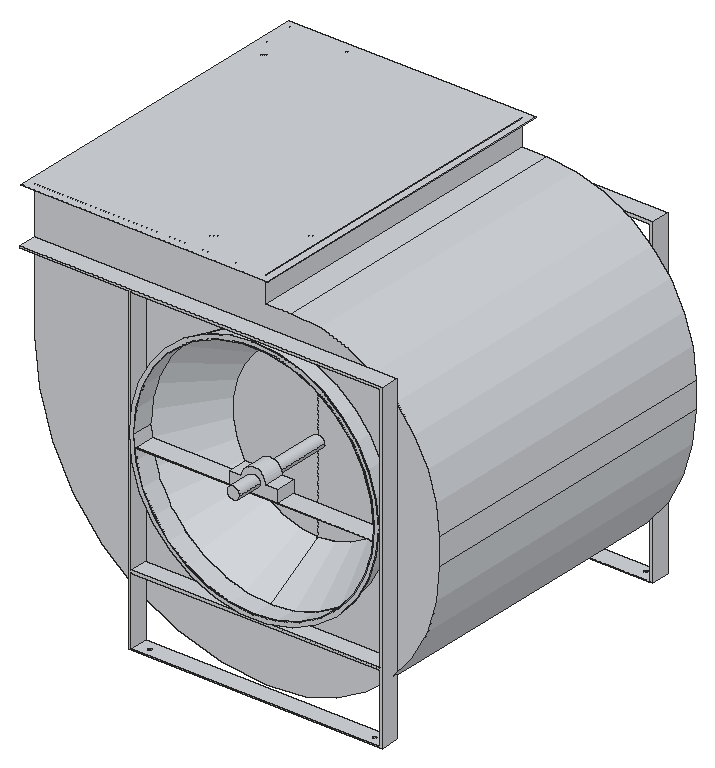
Revit family "CAF_DWDI_CW_UBD", category Mechanical Equipment, Revit 2019 (continued)
Types (59): name | V+(D-(A+.25"))/2 | V | U-N | U | T/2 | T | SCROLL2 | S/2 | S | R/2 | R | P | N | M | L | K/2 | K | J | INLET/4 | INLET/2 | INLET | H-J | H-((D-A-.25")/2) | H | G-(R/2) | G-(INLET/2)-1.625" | G+(INLET/2)+1.625" | G | F-((D-A-.25")/2) | F | E/2 | E | D/2 | D | C/2 | C+C | C | BOTTOM | B/2 | B+.25" | B | A/2 | A+.25" | A | D/7 | Type Comments | -P | -(B+.25")/2 | (M-(B+.25")/2 | (INLET/2)-.125" | (INLET/2)+1.625" | (INLET/2)+1.5" | (D-(A+.25"))/2 | (B+.25")/2 | (A+.25")/2 | ((M+U+U+N+N)-((B+.25")/2))/2
  150_CAF-DWDI_CW_UBD_CLASS_3 | 1 15/16" | 1" | 1 1/16" | 7 9/16" | 12 3/16" | 24 3/8" | 11 1/4" | 8 7/8" | 17 3/4" | 11 1/8" | 22 1/4" | 35 3/4" | 6 1/2" | 28 1/8" | 14 1/16" | 15/32" | 15/16" | 11 1/2" | 4 25/32" | 9 9/16" | 19 1/8" | 16 15/16" | 27 1/2" | 28 7/16" | 2 15/16" | 3" | 25 1/8" | 14 1/16" | 25 1/8" | 26 1/16" | 12 1/16" | 24 1/8" | 8 11/16" | 17 3/8" | 31/32" | 3 7/8" | 1 15/16" | 12" | 11" | 22 1/4" | 22" | 7 5/8" | 15 1/2" | 15 1/4" | 1.82895" | "Centrifugal Airfoil Blower Clockwise Up Blast Arrangement 3 Low Profile Class 3" | -35 3/4" | -11 1/8" | 2 15/16" | 9 7/16" | 11 1/16" | 11" | 15/16" | 11 1/8" | 7 3/4" | 4"
  165_CAF-DWDI_CW_UBD_CLASS_3 | 1 15/16" | 1" | 1 9/16" | 8 1/16" | 13 3/16" | 26 3/8" | 12 1/8" | 9 3/4" | 19 1/2" | 12 1/8" | 24 1/4" | 38 5/16" | 6 1/2" | 30 1/8" | 15 1/16" | 15/32" | 15/16" | 12 11/16" | 5 19/64" | 10 19/32" | 21 3/16" | 18 1/2" | 30 1/4" | 31 3/16" | 3 1/4" | 3 9/32" | 27 15/32" | 15 3/8" | 27 9/16" | 28 1/2" | 13 1/16" | 26 1/8" | 9 17/32" | 19 1/16" | 1 3/32" | 4 3/8" | 2 3/16" | 13 1/8" | 12" | 24 1/4" | 24" | 8 15/32" | 17 3/16" | 16 15/16" | 2.00658" | "Centrifugal Airfoil Blower Clockwise Up Blast Arrangement 3 Low Profile Class 3" | -38 5/16" | -12 1/8" | 2 15/16" | 10 15/32" | 12 3/32" | 12 1/32" | 15/16" | 12 1/8" | 8 19/32" | 4 1/2"
  180_CAF-DWDI_CW_UBD_CLASS_3 | 1 15/16" | 1" | 1 9/16" | 8 1/16" | 14 7/32" | 28 7/16" | 13 3/8" | 10 1/2" | 21" | 12 7/8" | 25 3/4" | 40 3/8" | 6 1/2" | 32 3/16" | 16 1/8" | 15/32" | 15/16" | 13 13/16" | 5 43/64" | 11 11/32" | 22 11/16" | 20 1/8" | 33" | 33 15/16" | 3 13/16" | 3 27/32" | 29 17/32" | 16 11/16" | 30 1/16" | 31" | 14 3/32" | 28 3/16" | 10 5/16" | 20 5/8" | 1 3/32" | 4 3/8" | 2 3/16" | 14 5/16" | 13 1/32" | 26 5/16" | 26 1/16" | 9 1/4" | 18 3/4" | 18 1/2" | 2.17105" | "Centrifugal Airfoil Blower Clockwise Up Blast Arrangement 3 Low Profile Class 3" | -40 3/8" | -13 5/32" | 2 15/16" | 11 7/32" | 12 27/32" | 12 25/32" | 15/16" | 13 5/32" | 9 3/8" | 4 1/2"
  195_CAF-DWDI_CW_UBD_CLASS_3 | 2 15/16" | 1" | 1 9/16" | 8 1/16" | 15 21/32" | 31 5/16" | 14 1/4" | 11 1/8" | 22 1/4" | 13 5/8" | 27 1/4" | 42 3/4" | 6 1/2" | 34 9/16" | 17 5/16" | 15/32" | 15/16" | 14 15/16" | 6 3/64" | 12 3/32" | 24 3/16" | 22 3/4" | 35 3/4" | 37 11/16" | 4 3/8" | 4 13/32" | 31 19/32" | 18" | 31 9/16" | 33 1/2" | 16 9/32" | 32 9/16" | 11 13/16" | 23 5/8" | 1 3/32" | 4 3/8" | 2 3/16" | 15 1/2" | 14 7/32" | 28 11/16" | 28 7/16" | 9 3/4" | 19 3/4" | 19 1/2" | 2.48684" | "Centrifugal Airfoil Blower Clockwise Up Blast Arrangement 3 Low Profile Class 3" | -42 3/4" | -14 11/32" | 2 15/16" | 11 31/32" | 13 19/32" | 13 17/32" | 1 15/16" | 14 11/32" | 9 7/8" | 4 1/2"
  210_CAF-DWDI_CW_UBD_CLASS_3 | 2 15/16" | 1" | 1 9/16" | 8 9/16" | 16 5/8" | 33 1/4" | 15" | 11 7/8" | 23 3/4" | 14 1/2" | 29" | 45 3/16" | 7" | 36 1/2" | 18 1/4" | 15/32" | 15/16" | 16 1/8" | 6 31/64" | 12 31/32" | 25 15/16" | 24 1/4" | 38 7/16" | 40 3/8" | 4 13/16" | 4 27/32" | 33 25/32" | 19 5/16" | 34 1/16" | 36" | 17 1/4" | 34 1/2" | 12 7/8" | 25 3/4" | 1 3/32" | 4 3/8" | 2 3/16" | 16 11/16" | 15 3/16" | 30 5/8" | 30 3/8" | 10 13/16" | 21 7/8" | 21 5/8" | 2.71053" | "Centrifugal Airfoil Blower Clockwise Up Blast Arrangement 3 Low Profile Class 3" | -45 3/16" | -15 5/16" | 2 15/16" | 12 27/32" | 14 15/32" | 14 13/32" | 1 15/16" | 15 5/16" | 10 15/16" | 4 1/2"
  225_CAF-DWDI_CW_UBD_CLASS_3 | 3" | 1" | 1 9/16" | 8 9/16" | 17 11/16" | 35 3/8" | 15 7/8" | 12 3/4" | 25 1/2" | 15 1/4" | 30 1/2" | 47 5/16" | 7" | 38 5/8" | 19 5/16" | 15/32" | 15/16" | 17 1/4" | 6 55/64" | 13 23/32" | 27 7/16" | 25 15/16" | 41 3/16" | 43 3/16" | 5 5/16" | 5 11/32" | 35 25/32" | 20 9/16" | 36 3/8" | 38 3/8" | 18 11/32" | 36 11/16" | 13 23/32" | 27 7/16" | 1 3/32" | 4 3/8" | 2 3/16" | 17 13/16" | 16 1/4" | 32 3/4" | 32 1/2" | 11 19/32" | 23 7/16" | 23 3/16" | 2.88816" | "Centrifugal Airfoil Blower Clockwise Up Blast Arrangement 3 Low Profile Class 3" | -47 5/16" | -16 3/8" | 2 15/16" | 13 19/32" | 15 7/32" | 15 5/32" | 2" | 16 3/8" | 11 23/32" | 4 1/2"
  245_CAF-DWDI_CW_UBD_CLASS_3 | 3" | 1" | 9/16" | 7 9/16" | 19 9/32" | 38 9/16" | 16 7/8" | 13 9/16" | 27 1/8" | 16 15/32" | 32 15/16" | 50 13/16" | 7" | 43 3/16" | 21 5/8" | 17/32" | 1 1/16" | 18 3/4" | 7 23/64" | 14 23/32" | 29 7/16" | 28 1/16" | 44 13/16" | 46 13/16" | 5 27/32" | 6 3/32" | 38 17/32" | 22 5/16" | 39 11/16" | 41 11/16" | 19 5/8" | 39 1/4" | 14 7/8" | 29 3/4" | 1 7/32" | 4 7/8" | 2 7/16" | 19 3/8" | 17 17/32" | 35 5/16" | 35 1/16" | 12 3/4" | 25 3/4" | 25 1/2" | 3.13158" | "Centrifugal Airfoil Blower Clockwise Up Blast Arrangement 3 Low Profile Class 3" | -50 13/16" | -17 21/32" | 3 15/16" | 14 19/32" | 16 7/32" | 16 5/32" | 2" | 17 21/32" | 12 7/8" | 4 1/2"
  270_CAF-DWDI_CW_UBD_CLASS_3 | 3" | 1" | 9/16" | 7 11/16" | 21 15/32" | 42 15/16" | 18 3/4" | 14 15/16" | 29 7/8" | 17 27/32" | 35 11/16" | 55 5/16" | 7 1/8" | 47 9/16" | 23 13/16" | 17/32" | 1 1/16" | 20 11/16" | 7 63/64" | 15 31/32" | 31 15/16" | 30 11/16" | 49 3/8" | 51 3/8" | 6 21/32" | 7 1/32" | 41 31/32" | 24 1/2" | 43 13/16" | 45 13/16" | 21 13/16" | 43 5/8" | 15 7/8" | 31 3/4" | 1 7/32" | 4 7/8" | 2 7/16" | 21 5/16" | 19 23/32" | 39 11/16" | 39 7/16" | 13 3/4" | 27 3/4" | 27 1/2" | 3.34211" | "Centrifugal Airfoil Blower Clockwise Up Blast Arrangement 3 Low Profile Class 3" | -55 5/16" | -19 27/32" | 3 15/16" | 15 27/32" | 17 15/32" | 17 13/32" | 2" | 19 27/32" | 13 7/8" | 4 1/2"
  300_CAF-DWDI_CW_UBD_CLASS_3 | 3" | 1" | 5/8" | 7 3/4" | 23 1/4" | 46 1/2" | 20 1/4" | 16 7/16" | 32 7/8" | 19 11/32" | 38 11/16" | 58 7/8" | 7 1/8" | 51 1/8" | 25 9/16" | 17/32" | 1 1/16" | 22 15/16" | 8 47/64" | 17 15/32" | 34 15/16" | 33 15/16" | 54 7/8" | 56 7/8" | 7 23/32" | 8 3/32" | 46 1/32" | 27 1/16" | 48 3/4" | 50 3/4" | 23 19/32" | 47 3/16" | 17 23/32" | 35 7/16" | 1 7/32" | 4 7/8" | 2 7/16" | 23 11/16" | 21 1/2" | 43 1/4" | 43" | 15 19/32" | 31 7/16" | 31 3/16" | 3.73026" | "Centrifugal Airfoil Blower Clockwise Up Blast Arrangement 3 Low Profile Class 3" | -58 7/8" | -21 5/8" | 3 15/16" | 17 11/32" | 18 31/32" | 18 29/32" | 2" | 21 5/8" | 15 23/32" | 4 9/16"
  330_CAF-DWDI_CW_UBD_CLASS_3 | 3 1/16" | 1" | -3/8" | 6 3/4" | 25 7/8" | 51 3/4" | 20 25/32" | 17 5/8" | 35 1/4" | 21 1/8" | 42 1/4" | 64" | 7 1/8" | 57 1/4" | 28 5/8" | 17/32" | 1 1/16" | 25 5/16" | 9 31/64" | 18 31/32" | 37 15/16" | 37 1/16" | 60 5/16" | 62 3/8" | 8 9/16" | 9 7/32" | 50 5/32" | 29 11/16" | 53 11/16" | 55 3/4" | 25 21/32" | 51 5/16" | 19 7/16" | 38 7/8" | 1 7/32" | 4 7/8" | 2 7/16" | 26 1/16" | 23 17/32" | 47 5/16" | 47 1/16" | 17 1/4" | 34 3/4" | 34 1/2" | 4.09211" | "Centrifugal Airfoil Blower Clockwise Up Blast Arrangement 3 Low Profile Class 3" | -64" | -23 21/32" | 4 31/32" | 18 27/32" | 20 15/32" | 20 13/32" | 2 1/16" | 23 21/32" | 17 3/8" | 4 19/32"
  365_CAF-DWDI_CW_UBD_CLASS_3 | 3 9/16" | 1" | 1/8" | 7 3/4" | 28 7/16" | 56 7/8" | 22 21/32" | 19 1/2" | 39" | 23" | 46" | 70 1/8" | 7 5/8" | 62 3/8" | 31 3/16" | 17/32" | 1 1/16" | 27 15/16" | 10 23/64" | 20 23/32" | 41 7/16" | 41 5/16" | 66 11/16" | 69 1/4" | 9 3/4" | 10 17/32" | 54 31/32" | 32 3/4" | 58 15/16" | 61 1/2" | 28 23/32" | 57 7/16" | 22 1/32" | 44 1/16" | 1 15/32" | 5 7/8" | 2 15/16" | 28 3/4" | 26 3/32" | 52 7/16" | 52 3/16" | 19 11/32" | 38 15/16" | 38 11/16" | 4.63816" | "Centrifugal Airfoil Blower Clockwise Up Blast Arrangement 3 Low Profile Class 3" | -70 1/8" | -26 7/32" | 4 31/32" | 20 19/32" | 22 7/32" | 22 5/32" | 2 9/16" | 26 7/32" | 19 15/32" | 5 3/32"
  402_CAF-DWDI_CW_UBD_CLASS_3 | 4 1/2" | 1 15/16" | 5/8" | 10 3/4" | 31 3/4" | 63 1/2" | 24 27/32" | 21" | 42" | 25 9/32" | 50 9/16" | 80 3/4" | 10 1/8" | 70" | 35" | 17/32" | 1 1/16" | 30 3/4" | 11 19/64" | 22 19/32" | 45 3/16" | 45 1/4" | 73 7/16" | 76" | 10 21/32" | 11 27/32" | 60 1/32" | 35 15/16" | 65" | 67 9/16" | 31 17/32" | 63 1/16" | 23 9/16" | 47 1/8" | 1 23/32" | 6 7/8" | 3 7/16" | 31 5/8" | 28 29/32" | 58 1/16" | 57 13/16" | 20 7/8" | 42" | 41 3/4" | 4.96053" | "Centrifugal Airfoil Blower Clockwise Up Blast Arrangement 3 Low Profile Class 3" | -80 3/4" | -29 1/32" | 5 31/32" | 22 15/32" | 24 3/32" | 24 1/32" | 2 9/16" | 29 1/32" | 21" | 6 19/32"
  445_CAF-DWDI_CW_UBD_CLASS_3 | 4 1/2" | 1 15/16" | 5/8" | 10 3/4" | 35" | 70" | 26 31/32" | 23 1/8" | 46 1/4" | 27 13/32" | 54 13/16" | 87 1/4" | 10 1/8" | 76 1/2" | 38 1/4" | 17/32" | 1 1/16" | 34 1/16" | 12 23/64" | 24 23/32" | 49 7/16" | 49 13/16" | 81 5/16" | 83 7/8" | 12 9/32" | 13 15/32" | 65 29/32" | 39 11/16" | 72 1/8" | 74 11/16" | 34 25/32" | 69 9/16" | 25 21/32" | 51 5/16" | 1 23/32" | 6 7/8" | 3 7/16" | 35" | 32 1/8" | 64 1/2" | 64 1/4" | 22 31/32" | 46 3/16" | 45 15/16" | 5.40132" | "Centrifugal Airfoil Blower Clockwise Up Blast Arrangement 3 Low Profile Class 3" | -87 1/4" | -32 1/4" | 6" | 24 19/32" | 26 7/32" | 26 5/32" | 2 9/16" | 32 1/4" | 23 3/32" | 6 5/8"
  490_CAF-DWDI_CW_UBD_CLASS_3 | 4 1/2" | 1 15/16" | -1 3/8" | 12 1/8" | 38 7/16" | 76 7/8" | 29 11/32" | 25" | 50" | 30" | 60" | 98 1/2" | 13 1/2" | 86 3/8" | 43 3/16" | 17/32" | 1 1/16" | 37 1/2" | 13 3/4" | 27 1/2" | 55" | 54 9/16" | 89 1/2" | 92 1/16" | 13 5/8" | 14 5/8" | 72 5/8" | 43 5/8" | 79 5/8" | 82 3/16" | 37 23/32" | 75 7/16" | 28 3/16" | 56 3/8" | 1 31/32" | 7 7/8" | 3 15/16" | 38 9/16" | 35 1/16" | 70 3/8" | 70 1/8" | 25 1/2" | 51 1/4" | 51" | 5.93421" | "Centrifugal Airfoil Blower Clockwise Up Blast Arrangement 3 Low Profile Class 3" | -98 1/2" | -35 3/16" | 8" | 27 3/8" | 29" | 28 15/16" | 2 9/16" | 35 3/16" | 25 5/8" | 6 5/8"
  540_CAF-DWDI_CW_UBD_CLASS_3 | 4 9/16" | 1 15/16" | 5/8" | 16 3/8" | 42 13/32" | 84 13/16" | 31 27/32" | 27 1/2" | 55" | 32 1/2" | 65" | 110 11/16" | 15 3/4" | 94 5/16" | 47 1/8" | 19/32" | 1 3/16" | 41 3/8" | 15" | 30" | 60" | 59 7/8" | 98 5/8" | 101 1/4" | 15 1/2" | 16 1/2" | 79 1/2" | 48" | 87 13/16" | 90 7/16" | 41 11/16" | 83 3/8" | 30 5/8" | 61 1/4" | 2 7/32" | 8 7/8" | 4 7/16" | 42 7/16" | 38 31/32" | 78 3/16" | 77 15/16" | 27 7/8" | 56" | 55 3/4" | 6.44737" | "Centrifugal Airfoil Blower Clockwise Up Blast Arrangement 3 Low Profile Class 3" | -110 11/16" | -39 3/32" | 8 1/16" | 29 7/8" | 31 1/2" | 31 7/16" | 2 5/8" | 39 3/32" | 28" | 8 11/16"
  600_CAF-DWDI_CW_UBD_CLASS_3 | 5 19/32" | 2 15/16" | 1/8" | 16" | 46 9/16" | 93 1/8" | 35" | 30 1/2" | 61" | 35 1/2" | 71" | 118 5/8" | 15 7/8" | 102 5/8" | 51 5/16" | 19/32" | 1 3/16" | 45 15/16" | 16 1/2" | 33" | 66" | 66 1/4" | 109 17/32" | 112 3/16" | 17 11/16" | 18 11/16" | 87 11/16" | 53 3/16" | 97 21/32" | 100 5/16" | 45 27/32" | 91 11/16" | 33 7/8" | 67 3/4" | 2 15/32" | 9 7/8" | 4 15/16" | 47 1/8" | 43 1/8" | 86 1/2" | 86 1/4" | 31 3/32" | 62 7/16" | 62 3/16" | 7.13158" | "Centrifugal Airfoil Blower Clockwise Up Blast Arrangement 3 Low Profile Class 3" | -118 5/8" | -43 1/4" | 8 1/16" | 32 7/8" | 34 1/2" | 34 7/16" | 2 21/32" | 43 1/4" | 31 7/32" | 8 3/16"
